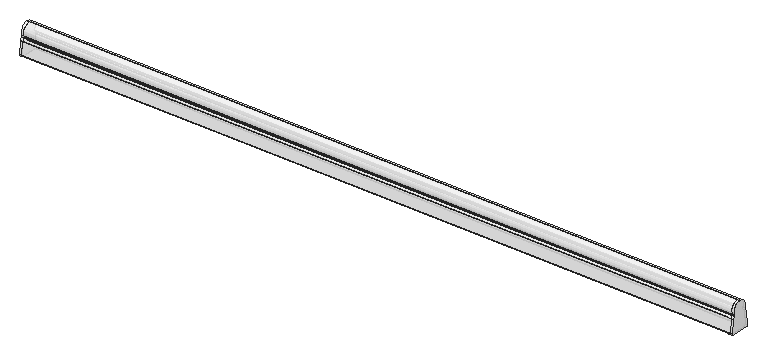
Revit family "0051055 Sylvania Lighting Fixture LED PIPE G2 L900 TOP ENTRY HO NW", category Lighting Fixtures, host Face, Revit 2016
Family settings
  Host = Face
  Part Type = Normal
  Round Connector Dimension = Use Diameter
  OmniClass Number = 23.80.70.00
  OmniClass Title = Lighting
  Cut with Voids When Loaded = No
  Light Source = Yes
  Shared = No
  Room Calculation Point = No
Parameters (values of type "0051055 LED PIPE G2 L900 TOP ENTRY HO NW")
  Width_SYL = 24 mm
  Weight = "3.52 kg"
  Wattage Comments = ""
  Wattage = 13 W
  WarrantyStartDate [instance] = "n/a"
  WarrantyGuarantorParts = "n/a"
  WarrantyDurationUnit = "n/a"
  WarrantyDurationParts = "n/a"
  WarrantyDescription = "n/a"
  built-in parameter 1150110 = 1 (stored number, unit not read)
  Voltage = 230 V
  URL = "http://www.sylvania-lighting.com"
  TypeName = "LED PIPE G2 L900 TOP ENTRY HO NW"
  Type Image = <None>
  Type Comments = "n/a"
  built-in parameter 1114217 = 1 (stored number, unit not read)
  Tilt Angle = -90.00°
  built-in parameter 1150109 = 1 (stored number, unit not read)
  built-in parameter 1150134 = 12
  built-in parameter 1150113 = 1 (stored number, unit not read)
  SerialNumber [instance] = "n/a"
  RadiusTop_SYL = 9.1 mm
  RadiusSmall_SYL = 1.002 mm
  RadiusShoulder_SYL = 4.5 mm
  RadiusBottom_SYL = 1.5 mm
  Photometric Web File = "0051055.ies"
  Material_3_FEILO = none
  PowerFactor = 0.9
  PowerConsumption = "13 W"
  NominalLength = 900 mm
  NominalHeight = 35 mm
  NominalDepth = 24 mm
  Name = "LED PIPE G2 L900 TOP ENTRY HO NW"
  ModelReference = Name  # "LED PIPE G2 L900 TOP ENTRY HO NW"
  ModelNumber = "0051055"
  Model = Name  # "LED PIPE G2 L900 TOP ENTRY HO NW"
  Material = "pc housing, pc diffuser"
  ManufacturerName = "Feilo Sylvania"
  Manufacturer = "Feilo Sylvania"
  LuminousEfficacy = "90 lm/W"
  built-in parameter 1150105 = 237.65 (stored number, unit not read)
  Lumens = 1170 lm
  LuminaireType = ""
  built-in parameter 1150115 = 1 (stored number, unit not read)
  LightOutputRatio = "n/a"
  built-in parameter 1150137 = (empty or 0)
  built-in parameter 1150139 = (empty or 0)
  Length_SYL = 900 mm
  LampsType = Lamp  # "LED"
  LampNominalLuminous = "1350 lm"
  LampMacAdamStep = "6"
  LampColourTemperature = "4000 K"
  LampColourRenderingIndex = "80"
  built-in parameter 1150112 = 1 (stored number, unit not read)
  built-in parameter 1150114 = 1 (stored number, unit not read)
  Lamp = "LED"
  Keynote = "16500"
  InstallationDate [instance] = "n/a"
  InputVoltage = "220-240V~"
  InputNominalFrequency = "50/60 Hz"
  built-in parameter 1150132 = (empty or 0)
  built-in parameter 1150102 = (empty or 0)
  built-in parameter 1150107 = 4000 (stored number, unit not read)
  built-in parameter 1150138 = (empty or 0)
  IngressProtection = "IP20"
  ImpactProtectionIndex = "IK02"
  built-in parameter 1150106 = 2.3765 (stored number, unit not read)
  IfcExportType = "IfcLightFixtureType"
  IfcExportAs = "IfcLightFixtureType"
  Height_SYL = 35 mm
  ExpectedLife = 50000
  built-in parameter 1150127 = 10 mm
  Emit from Rectangle Length = Length_SYL - 6 mm  # 894 mm
  Emit Shape Visible in Rendering = no
  ElectricShockClassification = "Class II"
  built-in parameter 1150104 = 8.3613 (stored number, unit not read)
  DurationUnit = "hours"
  DocumentationLiterature = "http://www.sylvania-lighting.com/product/en-int/products/0051055"
  DimmingControlOptions = "n/a"
  Material_2_FEILO = LED-Sylvania-ledpipe
  Dimming Lamp Color Temperature Shift = <None>
  Description = "LED T5 replacement batten, with top entry cable, the power cables can be therefore hidden, high output range: more lumens per meter with efficiency up to 125 lum/watt, Ideal for direct lighting in kitchens, on wall or ceiling, 150 degree beam angle, includes switch, includes stripped cable, white polycarbonate body, includes standard and tilting brackets"
  Default Elevation = 1219.2 mm
  CreatedOn = "6/11/2018"
  CreatedBy = "aron.fodor@sylvania-lighting.com"
  Cost = 0
  Color Filter = 16777215
  built-in parameter 1114216 [instance] = (empty or 0)
  ClassificationValue = "EF_70_80"
  ClassificationName = "Uniclass2015"
  Material_1_FEILO = Body-Sylvania-ledpipe
  BarCode [instance] = "n/a"
  built-in parameter 1114218 = 1 (stored number, unit not read)
  Emit from Rectangle Width = 3048 mm
  AssetType = "Fixed"
  AssetIdentifier [instance] = "n/a"
  Assembly Code = "D5020200"
  Apparent Load = 13 VA
  Material_4_FEILO = none
Reference planes
  plane 1 "Center (Front/Back)": y = 0
  plane 2: z = 0
  plane 3 "Center (Left/Right)": x = 0
  plane 4: y = 12
  plane 5: y = -12
  plane 6: z = 35
  plane 7: z = 25.8
  plane 8: y = -10
  plane 9: z = 18.8
  plane 10: z = 21
  plane 11: x = 450
  plane 12: x = -450
  plane 13: x = 447
  plane 14: x = -447
Forms (mm)
  Extrusion 1, solid, material "Body-Sylvania-ledpipe" <- "Material_1_FEILO"
    sketch origin (0, 0, 0) x (0, 1, 0) y (0, 0, 1)
      loop
        arc (-11.824, 1.659) -> (-11.447, 0.497) -> (-10.332, 0) r 1.5
        line (-10.332, 0) -> (10.332, 0)
        arc (10.332, 0) -> (11.447, 0.497) -> (11.824, 1.659) r 1.5
        line (11.824, 1.659) -> (10.168, 17.219)
        arc (10.168, 17.219) -> (9.754, 18.682) -> (8.875, 19.925) r 4.5
        line (8.875, 19.925) -> (8.294, 20.506)
        arc (8.294, 20.506) -> (8.012, 21.058) -> (8.109, 21.67) r 1.002
        arc (8.109, 21.67) -> (7.759, 30.556) -> (0, 34.9) r 9.1
        arc (0, 34.9) -> (-7.759, 30.556) -> (-8.109, 21.67) r 9.1
        arc (-8.109, 21.67) -> (-8.012, 21.058) -> (-8.294, 20.506) r 1.002
        line (-8.294, 20.506) -> (-8.875, 19.925)
        arc (-8.875, 19.925) -> (-9.754, 18.682) -> (-10.168, 17.219) r 4.5
        line (-10.168, 17.219) -> (-11.824, 1.659)
    from -447 to 447
  Extrusion 2, solid, material "Body-Sylvania-ledpipe" <- "Material_1_FEILO"
    sketch origin (447, -4572, 2609.058) x (0, 0, 1) y (0, -1, 0)
      loop
        arc (-2587.388, -4580.109) -> (-2578.502, -4579.759) -> (-2574.158, -4572) r 9.1
        arc (-2574.158, -4572) -> (-2578.502, -4564.241) -> (-2587.388, -4563.891) r 9.1
        arc (-2587.388, -4563.891) -> (-2588, -4563.988) -> (-2588.552, -4563.706) r 1.002
        line (-2588.552, -4563.706) -> (-2589.134, -4563.125)
        arc (-2589.134, -4563.125) -> (-2590.376, -4562.246) -> (-2591.84, -4561.832) r 4.5
        line (-2591.84, -4561.832) -> (-2607.399, -4560.176)
        arc (-2607.399, -4560.176) -> (-2608.561, -4560.553) -> (-2609.058, -4561.668) r 1.5
        line (-2609.058, -4561.668) -> (-2609.058, -4582.332)
        arc (-2609.058, -4582.332) -> (-2608.561, -4583.447) -> (-2607.399, -4583.824) r 1.5
        line (-2607.399, -4583.824) -> (-2591.84, -4582.168)
        arc (-2591.84, -4582.168) -> (-2590.376, -4581.754) -> (-2589.134, -4580.875) r 4.5
        line (-2589.134, -4580.875) -> (-2588.552, -4580.294)
        arc (-2588.552, -4580.294) -> (-2588, -4580.012) -> (-2587.388, -4580.109) r 1.002
    from 0 to 3
  Extrusion 3, solid, material "Body-Sylvania-ledpipe" <- "Material_1_FEILO"
    sketch origin (-297, -4572, 2609.058) x (0, 0, 1) y (0, -1, 0)
      loop
        arc (-2587.388, -4580.109) -> (-2578.502, -4579.759) -> (-2574.158, -4572) r 9.1
        arc (-2574.158, -4572) -> (-2578.502, -4564.241) -> (-2587.388, -4563.891) r 9.1
        arc (-2587.388, -4563.891) -> (-2588, -4563.988) -> (-2588.552, -4563.706) r 1.002
        line (-2588.552, -4563.706) -> (-2589.134, -4563.125)
        arc (-2589.134, -4563.125) -> (-2590.376, -4562.246) -> (-2591.84, -4561.832) r 4.5
        line (-2591.84, -4561.832) -> (-2607.399, -4560.176)
        arc (-2607.399, -4560.176) -> (-2608.561, -4560.553) -> (-2609.058, -4561.668) r 1.5
        line (-2609.058, -4561.668) -> (-2609.058, -4582.332)
        arc (-2609.058, -4582.332) -> (-2608.561, -4583.447) -> (-2607.399, -4583.824) r 1.5
        line (-2607.399, -4583.824) -> (-2591.84, -4582.168)
        arc (-2591.84, -4582.168) -> (-2590.376, -4581.754) -> (-2589.134, -4580.875) r 4.5
        line (-2589.134, -4580.875) -> (-2588.552, -4580.294)
        arc (-2588.552, -4580.294) -> (-2588, -4580.012) -> (-2587.388, -4580.109) r 1.002
    from -150 to -153
Lines and regions (mm)
  reference lines
    curve 1: circle (0, 0, 25.8) r 9.1 normal (1, 0, 0)
    curve 2: line (0, -12, 0) -> (0, -10, 18.8)
Dimensions and locks
  equal spacing: plane 5, plane 1 "Center (Front/Back)", plane 4
  "Width_SYL": plane 5 to plane 4
  "Height_SYL": plane 6 to plane 2
  locked: plane 6 to plane 7 at 9.2
  locked: plane 5 to plane 8 at 2
  locked: plane 7 to plane 9 at 7
  locked: plane 10 to plane 9 at 2.2
  equal spacing: plane 11, plane 3 "Center (Left/Right)", plane 12
  "Length_SYL": plane 11 to plane 12
  equal spacing: plane 13, plane 3 "Center (Left/Right)", plane 14
  locked: plane 14 to plane 12 at 3
  "RadiusTop_SYL": radius of curve 1
  "RadiusSmall_SYL": radius of Extrusion 1 sketch curve
  "RadiusShoulder_SYL": radius of Extrusion 1 sketch curve
  "RadiusTop_SYL": radius of Extrusion 1 sketch curve
  "RadiusBottom_SYL": radius of Extrusion 1 sketch curve  (x2)
  aligned and locked: plane 2 to host face
  aligned and locked: level to host face
  aligned and locked: plane 7 to curve 1
  aligned and locked: plane 1 "Center (Front/Back)" to curve 1
  aligned and locked: plane 8 to curve 2
  aligned and locked: curve 2 to Extrusion 1 sketch curve  (x2)
  aligned and locked: plane 7 to Extrusion 1 sketch curve
  aligned and locked: plane 1 "Center (Front/Back)" to Extrusion 1 sketch curve
  aligned and locked: Extrusion 1 sketch curve to level
  aligned and locked: plane 13 to Extrusion 1
  aligned and locked: Extrusion 1 to plane 14
  aligned and locked: Extrusion 2 sketch curve to Extrusion 1  (x8)
  aligned and locked: plane 11 to Extrusion 2
  aligned and locked: Extrusion 2 to Extrusion 1
  aligned and locked: Extrusion 3 sketch curve to Extrusion 2  (x8)
  aligned and locked: Extrusion 3 to Extrusion 1
  aligned and locked: Extrusion 3 to plane 12
  aligned and locked: imposter light to plane 1 "Center (Front/Back)"
  aligned and locked: plane 6 to imposter light
  aligned and locked: plane 3 "Center (Left/Right)" to imposter light
Automatic sketch dimensions
  host sketch curve to host sketch curve = 2438.4 mm  (x2)
  curve 2 to level = 0 mm
  curve 2 to plane 5 = 0 mm
  curve 2 to plane 9 = 0 mm
  Extrusion 1 sketch curve to Extrusion 1 sketch curve = 0 mm
  Extrusion 1 sketch curve to plane 5 = 0.176 mm
  plane 8 to Extrusion 1 sketch curve = 0.168 mm
  plane 10 to Extrusion 1 sketch curve = 0.215 mm  (x2)
  Extrusion 1 sketch curve to plane 8 = 0.998 mm
  Extrusion 1 sketch curve to plane 10 = 1.075 mm  (x2)
  Extrusion 1 sketch curve to plane 10 = 0.494 mm  (x2)
  Extrusion 1 sketch curve to plane 9 = 2.057 mm
  Extrusion 1 sketch curve to plane 1 "Center (Front/Back)" = 5.693 mm
  plane 4 to Extrusion 1 sketch curve = 3.706 mm
  Extrusion 1 sketch curve to Extrusion 1 sketch curve = 0.582 mm
  Extrusion 1 sketch curve to Extrusion 1 sketch curve = 0.709 mm
  Extrusion 1 sketch curve to plane 9 = 1.581 mm
  plane 4 to Extrusion 1 sketch curve = 1.668 mm
  plane 4 to Extrusion 1 sketch curve = 0.176 mm
  Extrusion 2 sketch curve to Extrusion 2 sketch curve = 0.159 mm
  Extrusion 2 sketch curve to plane 5 = 0.176 mm
  plane 8 to Extrusion 2 sketch curve = 0.168 mm
  Extrusion 2 sketch curve to plane 9 = 1.581 mm
  Extrusion 2 sketch curve to plane 10 = 0.494 mm  (x2)
  Extrusion 2 sketch curve to Extrusion 2 sketch curve = 0.127 mm
  Extrusion 2 sketch curve to Extrusion 2 sketch curve = 0.582 mm
  Extrusion 3 sketch curve to Extrusion 3 sketch curve = 0.159 mm
  Extrusion 3 sketch curve to plane 5 = 0.176 mm
  plane 8 to Extrusion 3 sketch curve = 0.168 mm
  Extrusion 3 sketch curve to plane 9 = 1.581 mm
  Extrusion 3 sketch curve to plane 10 = 0.494 mm  (x2)
  Extrusion 3 sketch curve to Extrusion 3 sketch curve = 0.127 mm
  Extrusion 3 sketch curve to Extrusion 3 sketch curve = 0.582 mm
Connectors
  electrical at (0, 0, 0), driven by "Apparent Load", driven by "PowerFactor", driven by "Voltage"
    settings: index 1, voltage 230 V, apparent load 13 VA, apparent load phase1 0 VA, apparent load phase2 0 VA, apparent load phase3 0 VA, power factor 0.9, load classification "Lighting", number of poles 1, system type 30, power factor state 1, is connector primary yes, connector utility no, sub classification motor no, connector description ""
